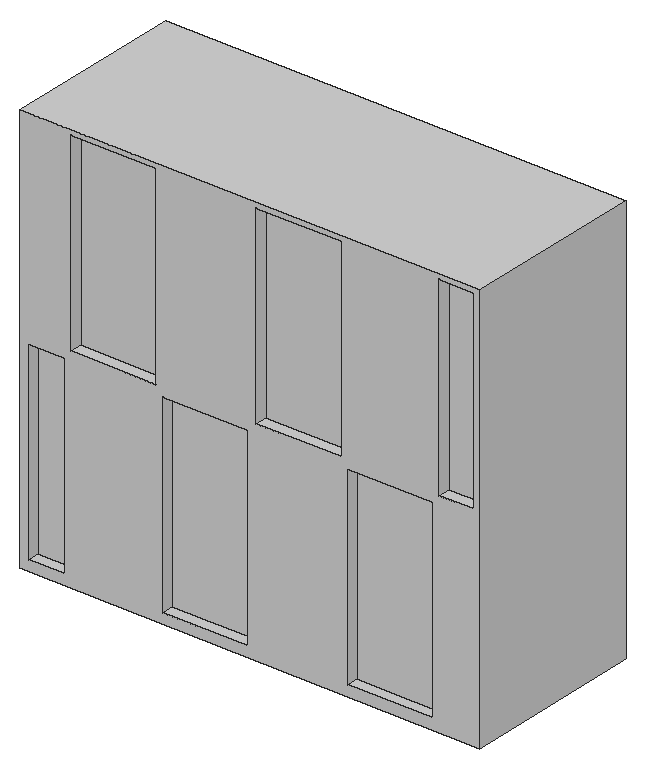
Revit family "SA 7H5W", category Mechanical Equipment, Revit 2019
Family settings
  Round Connector Dimension = Use Diameter
  Part Type = Normal
  OmniClass Number = 23.75.00.00
  OmniClass Title = Climate Control (HVAC)
  Work Plane-Based = No
  Always vertical = Yes
  Cut with Voids When Loaded = No
  Shared = No
  Room Calculation Point = No
Parameters (values of type "7H5W SA")
  Width = 5' - 4 1/2"
  Weight (lbs.) = "3174"
  URL = "www.renewaire.com"
  Model = "7H5W SA"
  Manufacturer = "Renewaire LLC"
  Length = 13' - 6"
  Housing = Metal - RenewAire - Anodized - Gray Text
  Height = 12' - 1 3/8"
  Description = "Energy Recovery Ventilator"
  Cores (L125-G5) = "35"
  Airflow Range (CFM) = "8,750-38,500"
Reference planes (in)
  plane 1 "Center (Front/Back)": y = 0
  plane 2: z = 0
  plane 3 "Center (Left/Right)": x = 0
Forms (in)
  Extrusion 1, solid, material "Metal - RenewAire - Anodized - Gray Text" <- "Housing"
    sketch origin (0, -16.07731, 0) x (0, 1, 0) y (0, 0, 1)
      loop
        line (32.26413, 145.375) -> (-32.26413, 145.375) -> (-32.26413, 0) -> (32.26413, 0) -> (32.26413, 145.375)
    from 0 to 162.875
  Extrusion 2, void
    sketch origin (0.6116, -14.11828, -1.60929) x (1, 0, 0) y (0, 0, 1)
      loop
        line (2.375, 73.78305) -> (2.375, 5.25) -> (15.17072, 5.25) -> (15.17072, 73.78305) -> (2.375, 73.78305)
      loop
        line (49.92926, 73.78305) -> (49.92926, 5.25) -> (80.25787, 5.25) -> (80.25787, 73.78305) -> (49.92926, 73.78305)
      loop
        line (47.67194, 145.375) -> (17.42194, 145.375) -> (17.42194, 76.78305) -> (47.67194, 76.78305) -> (47.67194, 145.375)
      loop
        line (82.94551, 145.31611) -> (82.94551, 76.78305) -> (113.19551, 76.78305) -> (113.19551, 145.31611) -> (82.94551, 145.31611)
      loop
        line (115.42072, 73.78305) -> (115.42072, 5.25) -> (145.42072, 5.25) -> (145.42072, 73.78305) -> (115.42072, 73.78305)
      loop
        line (147.83521, 145.31611) -> (147.83521, 76.78305) -> (160.21021, 76.78305) -> (160.21021, 145.31611) -> (147.83521, 145.31611)
    from 30 to 38.22316
  Extrusion 3, void
    sketch origin (0.65732, 49.88172, -1.58193) x (1, 0, 0) y (0, 0, 1)
      loop
        line (2.375, 73.78305) -> (2.375, 5.25) -> (15.17072, 5.25) -> (15.17072, 73.78305) -> (2.375, 73.78305)
      loop
        line (49.92926, 73.78305) -> (49.92926, 5.25) -> (80.25787, 5.25) -> (80.25787, 73.78305) -> (49.92926, 73.78305)
      loop
        line (47.75055, 145.375) -> (17.42194, 145.375) -> (17.42194, 76.78305) -> (47.75055, 76.78305) -> (47.75055, 145.375)
      loop
        line (82.94551, 145.31611) -> (82.94551, 76.78305) -> (113.14979, 76.78305) -> (113.14979, 145.31611) -> (82.94551, 145.31611)
      loop
        line (115.375, 73.7557) -> (115.375, 5.22264) -> (145.375, 5.22264) -> (145.375, 73.7557) -> (115.375, 73.7557)
      loop
        line (160.1645, 145.28875) -> (147.7895, 145.28875) -> (147.7895, 76.7557) -> (160.1645, 76.7557) -> (160.1645, 145.28875)
    from 30 to 38.22316
Cuts and joins
  Extrusion 2, Extrusion 3 cuts Extrusion 1
Dimensions and locks (in)
  aligned and locked: level to plane 2
